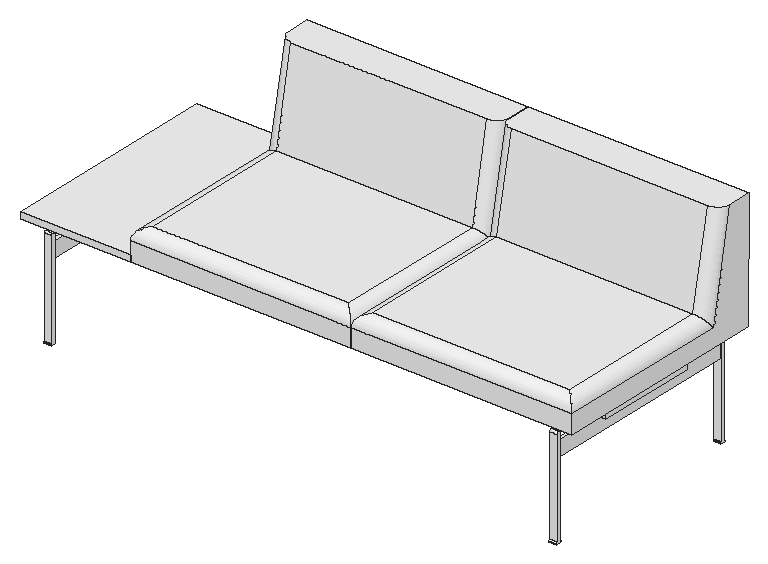
Revit family "FU_LAPSE 0025", category Furniture, Revit 2017
Family settings
  OmniClass Number = 23.40.20.00
  OmniClass Title = General Furniture and Specialties
  Work Plane-Based = No
  Always vertical = Yes
  Cut with Voids When Loaded = No
  Shared = No
  Room Calculation Point = No
Reference planes
  plane 1 "Center (Front/Back)": y = 0
  plane 2: z = 0
  plane 3 "Center (Left/Right)": x = 0
Dimensions and locks
  aligned and locked: level to plane 2
Nested families
  nested 1: "FU_LAPSE 0020 FRAME" at (-180, 0, 0), type "FU_LAPSE 0020 FRAME"
    with Frame Width 1650 mm
  nested 2: "FU_LAPSE 0200TA-Upholstered Seat" at (-360, 0, 350), type "FU_LAPSE 0200TA-Upholstered Seat"
  nested 3: "FU_LAPSE 0200TA-Upholstered Seat" at (360, 0, 350), type "FU_LAPSE 0200TA-Upholstered Seat"
  nested 4: "FU_LAPSE 0440MA-Table" at (-900, 0, 350), type "FU_LAPSE 0440MA-Table"
Definition of nested family "FU_LAPSE 0020 FRAME"
  Parameters (values of type "FU_LAPSE 0020 FRAME")
    Material = none
    Frame Width = 1290 mm
  Reference planes
    plane 1 "Center (Front/Back)": y = 0
    plane 2: z = 0
    plane 3 "Center (Left/Right)": x = 0
    plane 4: x = -645
    plane 5: x = 645
    plane 6: z = 350
    plane 7: y = -340
    plane 8: y = -330
    plane 9: z = 2.5
    plane 10: y = 165
    plane 11: y = -165
    plane 12: x = -675
    plane 13: x = 675
    plane 14: y = 155
    plane 15: x = -665
    plane 16: y = -155
    plane 17: x = 665
  Forms (mm)
    Extrusion 1, solid, material <- "Material"
      sketch origin (0, 0, 0) x (1, 0, 0) y (0, 1, 0)
        loop
          line (675, 165) -> (-675, 165) -> (-675, -165) -> (675, -165) -> (675, 165)
        loop
          line (-665, 155) -> (-665, -155) -> (665, -155) -> (665, 155) -> (-665, 155)
      from 295 to 350
  Dimensions and locks
    plane 3 "Center (Left/Right)" to plane 4 = 645 mm
    equal spacing: plane 4, plane 3 "Center (Left/Right)", plane 5
    "Frame Width": plane 4 to plane 5
    plane 12 to plane 15 to plane 4 = 10 mm locked, 20 mm locked
    plane 5 to plane 17 to plane 13 = 20 mm locked, 10 mm locked
    aligned and locked: level to plane 2
    aligned and locked: plane 4 to nested 1
    aligned and locked: plane 1 "Center (Front/Back)" to nested 1
    aligned and locked: nested 2 to plane 5
    aligned and locked: plane 1 "Center (Front/Back)" to nested 2
  Automatic sketch dimensions
    plane 10 to Extrusion 1 sketch curve = 0 mm
    Extrusion 1 sketch curve to plane 12 = 0 mm
    Extrusion 1 sketch curve to plane 15 = 0 mm
    plane 14 to Extrusion 1 sketch curve = 0 mm
    Extrusion 1 sketch curve to plane 17 = 0 mm
    Extrusion 1 sketch curve to plane 13 = 0 mm
    plane 11 to Extrusion 1 sketch curve = 0 mm
    plane 16 to Extrusion 1 sketch curve = 0 mm
  Nested families
    nested 1: "FU_LAPSE_FRAME 1" at (-645, 0, 0), type "FU_LAPSE_FRAME 1"
    nested 2: "FU_LAPSE_FRAME 1" at (645, 0, 0), type "FU_LAPSE_FRAME 1"
  Definition of nested family "FU_LAPSE_FRAME 1"
    Parameters (values of type "FU_LAPSE_FRAME 1")
      Material = none
    Reference planes
      plane 1 "Center (Front/Back)": y = 0
      plane 2: z = 0
      plane 3 "Center (Left/Right)": x = 0
    Forms (mm)
      Extrusion 1, solid, material <- "Material"
        sketch origin (0, 0, 0) x (0, 1, 0) y (0, 0, 1)
          loop
            arc (-330, 320) -> (-335, 325) -> (-340, 320) r 5
            line (-340, 320) -> (-340, 5)
            arc (-340, 5) -> (-340.732, 3.232) -> (-342.5, 2.5) r 2.5
            line (-342.5, 2.5) -> (-342.5, 0) -> (-327.5, 0) -> (-327.5, 2.5)
            arc (-327.5, 2.5) -> (-329.268, 3.232) -> (-330, 5) r 2.5
            line (-330, 5) -> (-330, 320)
        from 12.5 to -12.5
      Extrusion 2, solid, material <- "Material"
        sketch origin (0, 0, 0) x (0, -1, 0) y (0, 0, -1)
          loop
            line (-330, -320) -> (-330, -5)
            arc (-330, -5) -> (-329.268, -3.232) -> (-327.5, -2.5) r 2.5
            line (-327.5, -2.5) -> (-327.5, 0) -> (-342.5, 0) -> (-342.5, -2.5)
            arc (-342.5, -2.5) -> (-340.732, -3.232) -> (-340, -5) r 2.5
            line (-340, -5) -> (-340, -320)
            arc (-340, -320) -> (-335, -325) -> (-330, -320) r 5
        from 12.5 to -12.5
      Extrusion 3, solid, material <- "Material"
        sketch origin (0, 0, 0) x (0, 1, 0) y (0, 0, 1)
          loop
            line (330, 295) -> (-330, 295) -> (-330, 245) -> (330, 245) -> (330, 295)
        from 5 to -5
    Dimensions and locks
      aligned and locked: level to plane 2
      aligned and locked: Extrusion 3 sketch curve to Extrusion 2
Definition of nested family "FU_LAPSE 0200TA-Upholstered Seat"
  Parameters (values of type "FU_LAPSE 0200TA-Upholstered Seat")
    Material = none
  Reference planes
    plane 1 "Center (Front/Back)": y = 0
    plane 2: z = 0
    plane 3 "Center (Left/Right)": x = 0
    plane 4: x = -360
    plane 5: x = 360
    plane 6: y = -360
    plane 7: y = 360
    plane 8: z = 390
    plane 9: y = 245
    plane 10: z = 100
    plane 11: y = 185
  Forms (mm)
    Extrusion 1, solid, material <- "Material"
      sketch origin (0, 0, 0) x (0, 1, 0) y (0, 0, 1)
        loop
          line (360, 390) -> (245, 390) -> (185, 100) -> (-360, 100) -> (-360, 0) -> (360, 0) -> (360, 390)
      from -360 to 360
    Sweep 2, void
      path origin (-360, 0, 0) x (0, 1, 0) y (0, 0, 1)
        loop
          line (253.886, 432.949) -> (185, 100) -> (-360, 100)
      profile origin (-360, 219.443, 266.474) x (0, 0.97926, -0.202606) y (1, 0, 0)
        loop
          line (0, 0) -> (40, 0)
          arc (40, 0) -> (11.716, 11.716) -> (0, 40) r 40
          line (0, 40) -> (0, 0)
    Sweep 3, void
      path origin (360, 0, 0) x (0, 1, 0) y (0, 0, -1)
        loop
          line (253.886, -432.949) -> (185, -100) -> (-360, -100)
      profile origin (360, 219.443, 266.474) x (0, -0.97926, 0.202606) y (-1, 0, 0)
        loop
          line (0, 0) -> (0, 40)
          arc (0, 40) -> (-11.716, 11.716) -> (-40, 0) r 40
          line (-40, 0) -> (0, 0)
    Sweep 4, void
      path origin (0, -360, 0) x (0, 0, 1) y (-1, 0, 0)
        loop
          line (100, -385) -> (100, 460)
      profile origin (-37.5, -360, 100) x (0, 0, -1) y (0, -1, 0)
        loop
          line (0, 0) -> (0, -40)
          arc (0, -40) -> (11.716, -11.716) -> (40, 0) r 40
          line (40, 0) -> (0, 0)
  Cuts and joins
    Sweep 2, Sweep 3, Sweep 4 cuts Extrusion 1
  Dimensions and locks
    equal spacing: plane 4, plane 3 "Center (Left/Right)", plane 5
    equal spacing: plane 7, plane 1 "Center (Front/Back)", plane 6
    plane 7 to plane 6 = 720 mm
    plane 4 to plane 5 = 720 mm
    plane 8 to level = 390 mm
    aligned and locked: level to plane 2
    aligned and locked: plane 10 to Extrusion 1 sketch curve
  Automatic sketch dimensions
    Extrusion 1 sketch curve to plane 6 = 0 mm
    Extrusion 1 sketch curve to plane 11 = 0 mm
    Extrusion 1 sketch curve to plane 8 = 0 mm
    Extrusion 1 sketch curve to plane 9 = 0 mm
    Extrusion 1 sketch curve to plane 7 = 0 mm
    Extrusion 1 sketch curve to level = 0 mm
    Sweep 2 sketch curve to Extrusion 1 = 0 mm  (x2)
    Extrusion 1 to Sweep 2 sketch curve = 0 mm  (x2)
    Sweep 2 sketch curve to Extrusion 1 = 42.949 mm
    Sweep 2 sketch curve to profile plane = 0 mm  (x2)
    Sweep 2 sketch curve to profile plane = 40 mm
    Sweep 3 sketch curve to plane 6 = 0 mm
    Sweep 3 sketch curve to plane 10 = 0 mm
    Sweep 3 sketch curve to plane 11 = 0 mm
    plane 9 to Sweep 3 sketch curve = 8.886 mm
    plane 8 to Sweep 3 sketch curve = 42.949 mm
    Sweep 3 sketch curve to profile plane = 0 mm
    profile plane to Sweep 3 sketch curve = 0 mm
    profile plane to Sweep 3 sketch curve = 40 mm
    Sweep 4 sketch curve to profile plane = 0 mm  (x2)
    Sweep 4 sketch curve to profile plane = 40 mm
    Sweep 4 sketch curve to Extrusion 1 = 0 mm
    Sweep 4 sketch curve to Extrusion 1 = 25 mm
    Sweep 4 sketch curve to Extrusion 1 = 100 mm
Definition of nested family "FU_LAPSE 0440MA-Table"
  Parameters (values of type "FU_LAPSE 0440MA-Table")
    Material = none
  Reference planes
    plane 1 "Center (Front/Back)": y = 0
    plane 2: z = 0
    plane 3 "Center (Left/Right)": x = 0
    plane 4: x = -180
    plane 5: x = 180
    plane 6: y = -360
    plane 7: y = 360
    plane 8: z = 19
  Forms (mm)
    Extrusion 1, solid, material <- "Material"
      sketch origin (0, 0, 0) x (1, 0, 0) y (0, 1, 0)
        loop
          line (-180, 360) -> (-180, -360) -> (180, -360) -> (180, 360) -> (-180, 360)
      from 0 to 19
  Dimensions and locks
    equal spacing: plane 4, plane 3 "Center (Left/Right)", plane 5
    equal spacing: plane 7, plane 1 "Center (Front/Back)", plane 6
    plane 7 to plane 6 = 720 mm
    plane 4 to plane 5 = 360 mm
    plane 8 to level = 19 mm
    aligned and locked: level to plane 2
    aligned and locked: plane 7 to Extrusion 1 sketch curve
    aligned and locked: plane 4 to Extrusion 1 sketch curve
    aligned and locked: plane 6 to Extrusion 1 sketch curve
    aligned and locked: plane 5 to Extrusion 1 sketch curve
